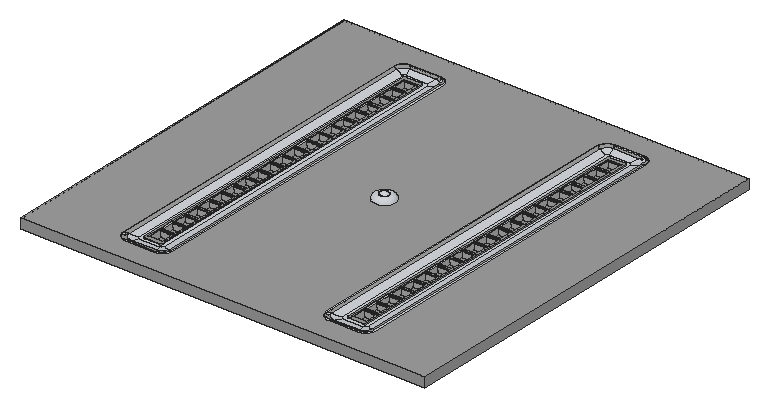
Revit family "0044011 Sylvania Lighting Fixture OptiClip 600 3000K C8 WH SSA WHITE", category Lighting Fixtures, host Face, Revit 2016
Family settings
  Host = Face
  Part Type = Normal
  Round Connector Dimension = Use Diameter
  OmniClass Number = 23.80.70.00
  OmniClass Title = Lighting
  Cut with Voids When Loaded = No
  Light Source = Yes
  Shared = No
  Room Calculation Point = No
Parameters (values of type "0044011 OPTICLIP 600 3K C8 WH SSA WHITE")
  spacer height = 5 mm
  spacer centres = 1000 mm
  height = 14.63 mm
  cut out width = 590 mm
  cut out length = 590 mm
  Width = 595 mm
  Weight = "n/a"
  Wattage Comments = ""
  Wattage = 9.2903 W
  WarrantyStartDate [instance] = "n/a"
  WarrantyGuarantorParts = "n/a"
  WarrantyDurationUnit = "n/a"
  WarrantyDurationParts = ""
  WarrantyDescription = "http://www.sylvania-lighting.com"
  built-in parameter 1150110 = 1 (stored number, unit not read)
  Voltage = 0 V
  URL = "0.95"
  TypeName = "OptiClip 600 3000K C8 WH SSA WHITE"
  Type Image = <None>
  Type Comments = "n/a"
  built-in parameter 1114217 = 1 (stored number, unit not read)
  Tilt Angle = 90.00°
  built-in parameter 1150109 = 1 (stored number, unit not read)
  built-in parameter 1150134 = 3
  built-in parameter 1150113 = 1 (stored number, unit not read)
  SerialNumber [instance] = "n/a"
  Photometric Web File = "0044011.ies"
  Material_3_FEILO = none
  PowerFactor = 0
  PowerConsumption = "Lighting"
  NominalLength = 595 mm
  NominalHeight = 0 mm
  NominalDepth = 0 mm
  Name = "OptiClip 600 3000K C8 WH SSA WHITE"
  ModelReference = Name  # "OptiClip 600 3000K C8 WH SSA WHITE"
  ModelNumber = "0044011"
  Model = Name  # "OptiClip 600 3000K C8 WH SSA WHITE"
  Material = "Feilo Sylvania"
  ManufacturerName = "114 lm/W"
  Manufacturer = ""
  LuminousEfficacy = ""
  built-in parameter 1150105 = 109.82 (stored number, unit not read)
  Lumens = 1380 lm
  LuminaireType = "0"
  built-in parameter 1150115 = 1 (stored number, unit not read)
  LightOutputRatio = "LED"
  built-in parameter 1150137 = (empty or 0)
  built-in parameter 1150139 = (empty or 0)
  Length = 595 mm
  LampsType = Lamp  # "n/a"
  LampNominalLuminous = "3000 K"
  LampMacAdamStep = "80"
  LampColourTemperature = "LED"
  LampColourRenderingIndex = "16500"
  built-in parameter 1150112 = 1 (stored number, unit not read)
  built-in parameter 1150114 = 1 (stored number, unit not read)
  Lamp = "n/a"
  Keynote = "n/a"
  InstallationDate [instance] = "n/a"
  InputVoltage = "0"
  InputNominalFrequency = "3000"
  built-in parameter 1150132 = (empty or 0)
  built-in parameter 1150102 = (empty or 0)
  built-in parameter 1150107 = 3200 (stored number, unit not read)
  built-in parameter 1150138 = (empty or 0)
  IngressProtection = "IfcLightFixtureType"
  ImpactProtectionIndex = "IfcLightFixtureType"
  built-in parameter 1150106 = 1.0982 (stored number, unit not read)
  IfcExportType = "IfcLightFixtureType"
  IfcExportAs = "Class II"
  Height = 50 mm
  ExpectedLife = 50000
  Emit from Circle Diameter = 609.6 mm
  Emit Shape Visible in Rendering = no
  ElectricShockClassification = "114"
  built-in parameter 1150104 = 13.8 (stored number, unit not read)
  DurationUnit = "hours"
  DocumentationLiterature = "http://www.sylvania-lighting.com/product/en-int/products/0044011"
  DimmingControlOptions = "n/a"
  Material_2_FEILO = none
  Dimming Lamp Color Temperature Shift = <None>
  Description = "OPTICLIP 600 3000K C8 WH SSA WHITE is a high efficacy low glare luminaire with replaceable light engines for office and education appalications. Ceiling recessed LED luminaire with white colour plastic optic, direct light distribution, luminaire dimensions: 595x595x52mm, Sylvania White body colour (RAL9016), IP20, IK07, SylSmart Connected Building capable, low LED flicker (+/-5%), Warm White (3000K) LED Colour Temperature, 3100lm luminous flux, 27W power consumption, 114lm/W system efficacy, CRI>80, SDCM 3 (3-step MacAdam ellipse) LED Colour Consistency, UGR<17, Luminance at 65° < 2000 cd/m2, lumen maintenance: L80B50 at 60000h, photobiological safety risk group 1. Electrical protection Class II. Glow wire test 850°C."
  Default Elevation = 1219.2 mm
  CreatedOn = "24/09/2020"
  CreatedBy = "@sylvania-lighting.com"
  Cost = 0
  Color Filter = 16777215
  built-in parameter 1114216 [instance] = (empty or 0)
  ClassificationValue = "EF_70_80"
  ClassificationName = "Uniclass2015"
  Material_1_FEILO = none
  BarCode [instance] = "n/a"
  built-in parameter 1114218 = 1 (stored number, unit not read)
  built-in parameter 1150133 = 10 (stored number, unit not read)
  AssetType = "Fixed"
  AssetIdentifier [instance] = "n/a"
  Assembly Code = "D5020200"
  Apparent Load = 27 VA
  Material_4_FEILO = none
Reference planes
  plane 1 "Center (Front/Back)": y = 0
  plane 2: z = 0
  plane 3 "Center (Left/Right)": x = 0
  plane 4: z = 0
  plane 5: y = 297.5
  plane 6: y = -297.5
  plane 7: x = -297.5
  plane 8: x = 297.5
  plane 9: x = -295
  plane 10: x = 295
  plane 11: y = 295
  plane 12: y = -295
  plane 13: z = -14.63
  plane 14: y = 296.5
  plane 15: x = -296.5
  plane 16: x = 296.5
  plane 17: y = -296.5
  plane 18: x = -185
  plane 19: x = -113
  plane 20: y = -246.5
  plane 21: x = -184
  plane 22: y = 262
  plane 23: x = -114
  plane 24: y = -262
  plane 25: y = 245.5
  plane 26: y = -245.345
  plane 27: x = -160
  plane 28: x = -138
  plane 29: y = 236.5
  plane 30: y = -236.345
  plane 31: y = 213.35
  plane 32: y = 212.35
  plane 33: y = 190.95
  plane 34: y = 189.95
  plane 35: y = 168.595
  plane 36: y = 167.595
  plane 37: y = 146.15
  plane 38: y = 145.15
  plane 39: y = 123.75
  plane 40: y = 122.75
  plane 41: y = 101.35
  plane 42: y = 100.35
  plane 43: y = 78.95
  plane 44: y = 77.95
  plane 45: y = 56.576
  plane 46: y = 55.576
  plane 47: y = 34.15
  plane 48: y = 33.15
  plane 49: y = 11.75
  plane 50: y = 10.75
  plane 51: y = -10.65
  plane 52: y = -11.65
  plane 53: y = -33.05
  plane 54: y = -34.05
  plane 55: y = -55.45
  plane 56: y = -56.45
  plane 57: y = -77.805
  plane 58: y = -78.805
  plane 59: y = -100.25
  plane 60: y = -101.25
  plane 61: y = -122.65
  plane 62: y = -123.65
  plane 63: y = -145.05
  plane 64: y = -146.05
  plane 65: y = -167.45
  plane 66: y = -168.416
  plane 67: y = -189.816
  plane 68: y = -190.816
  plane 69: y = -212.216
  plane 70: y = -213.216
  plane 71: y = -234.616
  plane 72: x = -159.5
  plane 73: x = -138.539
  plane 74: y = 230.05
  plane 75: y = 218.05
  plane 76: x = -143.039
  plane 77: x = -155
  plane 78: x = -162.5
  plane 79: x = -135.5
  plane 80: y = 240.5
  plane 81: y = -240.345
  plane 82: y = 238
  plane 83: z = 6
  plane 84: x = 8
  plane 85: x = 16
  plane 86: z = 8.5
  plane 87: x = 5
  plane 88: x = 13.5
  plane 89: z = -19.13
  plane 90: x = 8
  plane 91: z = -48.13
Forms (mm)
  Extrusion 1, void, detail levels medium+fine
    sketch origin (4.2, 0, 0) x (0, 1, 0) y (1, 0, 0)
      loop
        line (295, -299.2) -> (295, 290.8) -> (-295, 290.8) -> (-295, -299.2) -> (295, -299.2)
    from 0 to 10
  Extrusion 2, solid, material "Default", detail levels medium+fine
    sketch origin (4.2, 0, 0) x (1, 0, 0) y (0, 1, 0)
      loop
        line (-301.7, 297.5) -> (-301.7, -297.5) -> (293.3, -297.5) -> (293.3, 297.5) -> (-301.7, 297.5)
    from 0 to -14.63
  Extrusion 3, void, detail levels medium+fine
    sketch origin (4.2, 0, 0) x (0, 1, 0) y (1, 0, 0)
      loop
        line (296.5, -300.7) -> (296.5, 292.3) -> (-296.5, 292.3) -> (-296.5, -300.7) -> (296.5, -300.7)
    from 1.008 to 14.63
  Blend 4, solid, detail levels medium+fine
    base sketch origin (4.2, 0, 0) x (1, 0, 0) y (0, 1, 0)
      loop
        line (-189.2, 248) -> (-189.2, -248)
        arc (-189.2, -248) -> (-184.807, -258.607) -> (-174.2, -263) r 15
        line (-174.2, -263) -> (-132.2, -263)
        arc (-132.2, -263) -> (-121.593, -258.607) -> (-117.2, -248) r 15
        line (-117.2, -248) -> (-117.2, 248)
        arc (-117.2, 248) -> (-121.593, 258.607) -> (-132.2, 263) r 15
        line (-132.2, 263) -> (-174.2, 263)
        arc (-174.2, 263) -> (-184.807, 258.607) -> (-189.2, 248) r 15
    top sketch origin (4.2, 0, 0) x (1, 0, 0) y (0, 1, 0)
      loop
        line (-172.7, 242.5) -> (-172.7, -242.5)
        arc (-172.7, -242.5) -> (-171.517, -245.34) -> (-168.667, -246.5) r 4
        line (-168.667, -246.5) -> (-137.633, -246.5)
        arc (-137.633, -246.5) -> (-134.828, -245.324) -> (-133.7, -242.5) r 3.934
        line (-133.7, -242.5) -> (-133.7, 242.5)
        arc (-133.7, 242.5) -> (-134.982, 245.439) -> (-138.008, 246.5) r 4.011
        line (-138.008, 246.5) -> (-168.7, 246.5)
        arc (-168.7, 246.5) -> (-171.528, 245.328) -> (-172.7, 242.5) r 4
    from 0 to -4
  Blend 5, void
    base sketch origin (4.2, 0, 0) x (0, 1, 0) y (-1, 0, 0)
      loop
        line (248, 188.2) -> (-248, 188.2)
        arc (-248, 188.2) -> (-257.899, 184.099) -> (-262, 174.2) r 14
        line (-262, 174.2) -> (-262, 132.2)
        arc (-262, 132.2) -> (-257.899, 122.301) -> (-248, 118.2) r 14
        line (-248, 118.2) -> (248, 118.2)
        arc (248, 118.2) -> (257.899, 122.301) -> (262, 132.2) r 14
        line (262, 132.2) -> (262, 174.2)
        arc (262, 174.2) -> (257.899, 184.099) -> (248, 188.2) r 14
    top sketch origin (4.2, 0, 0) x (0, 1, 0) y (-1, 0, 0)
      loop
        line (242.5, 171.7) -> (-242.5, 171.7)
        arc (-242.5, 171.7) -> (-244.579, 170.8) -> (-245.345, 168.667) r 2.851
        line (-245.345, 168.667) -> (-245.345, 137.633)
        arc (-245.345, 137.633) -> (-244.517, 135.59) -> (-242.5, 134.7) r 2.934
        line (-242.5, 134.7) -> (242.5, 134.7)
        arc (242.5, 134.7) -> (244.733, 135.69) -> (245.5, 138.008) r 3.014
        line (245.5, 138.008) -> (245.5, 168.7)
        arc (245.5, 168.7) -> (244.621, 170.821) -> (242.5, 171.7) r 3
    from 0 to -3.5
  Extrusion 6, solid, material "Aluminum 1100-H18", detail levels medium+fine
    sketch origin (4.2, 0, 0) x (1, 0, 0) y (0, 1, 0)
      loop
        line (-164.2, 236.5) -> (-164.2, -236.345) -> (-142.2, -236.345) -> (-142.2, 236.5) -> (-164.2, 236.5)
    from -4 to -14.63
  Extrusion 7, solid, material "Aluminum 1100-H18", detail levels medium+fine
    sketch origin (4.2, 0, 0) x (1, 0, 0) y (0, 1, 0)
      loop
        line (-166.7, 238) -> (-166.7, -238.071)
        arc (-166.7, -238.071) -> (-165.953, -239.761) -> (-164.2, -240.345) r 2.284
        line (-164.2, -240.345) -> (-142.156, -240.345)
        arc (-142.156, -240.345) -> (-140.483, -239.689) -> (-139.7, -238.071) r 2.464
        line (-139.7, -238.071) -> (-139.7, 238)
        arc (-139.7, 238) -> (-140.432, 239.768) -> (-142.2, 240.5) r 2.5
        line (-142.2, 240.5) -> (-164.2, 240.5)
        arc (-164.2, 240.5) -> (-165.968, 239.768) -> (-166.7, 238) r 2.5
    from -3.5 to -2.5
  Blend 8, void
    base sketch origin (4.2, 0, 0) x (0, 1, 0) y (-1, 0, 0)
      loop
        line (234.75, 163.7) -> (213.35, 163.7) -> (213.35, 142.739) -> (234.75, 142.739) -> (234.75, 163.7)
    top sketch origin (4.2, 0, 0) x (0, 1, 0) y (-1, 0, 0)
      loop
        line (230.05, 159.2) -> (218.05, 159.2) -> (218.05, 147.239) -> (230.05, 147.239) -> (230.05, 159.2)
    from -2.5 to -11
  Blend 9, void
    base sketch origin (4.2, -22.4, 0) x (0, 1, 0) y (-1, 0, 0)
      loop
        line (234.75, 163.7) -> (213.35, 163.7) -> (213.35, 142.739) -> (234.75, 142.739) -> (234.75, 163.7)
    top sketch origin (4.2, -22.4, 0) x (0, 1, 0) y (-1, 0, 0)
      loop
        line (230.05, 159.2) -> (218.05, 159.2) -> (218.05, 147.239) -> (230.05, 147.239) -> (230.05, 159.2)
    from -2.5 to -11
  Blend 10, void
    base sketch origin (4.2, -44.8, 0) x (0, 1, 0) y (-1, 0, 0)
      loop
        line (234.75, 163.7) -> (213.35, 163.7) -> (213.35, 142.739) -> (234.75, 142.739) -> (234.75, 163.7)
    top sketch origin (4.2, -44.8, 0) x (0, 1, 0) y (-1, 0, 0)
      loop
        line (230.05, 159.2) -> (218.05, 159.2) -> (218.05, 147.239) -> (230.05, 147.239) -> (230.05, 159.2)
    from -2.5 to -11
  Blend 11, void
    base sketch origin (4.2, -67.155, 0) x (0, 1, 0) y (-1, 0, 0)
      loop
        line (234.75, 163.7) -> (213.35, 163.7) -> (213.35, 142.739) -> (234.75, 142.739) -> (234.75, 163.7)
    top sketch origin (4.2, -67.155, 0) x (0, 1, 0) y (-1, 0, 0)
      loop
        line (230.05, 159.2) -> (218.05, 159.2) -> (218.05, 147.239) -> (230.05, 147.239) -> (230.05, 159.2)
    from -2.5 to -11
  Blend 12, void
    base sketch origin (4.2, -89.6, 0) x (0, 1, 0) y (-1, 0, 0)
      loop
        line (234.75, 163.7) -> (213.35, 163.7) -> (213.35, 142.739) -> (234.75, 142.739) -> (234.75, 163.7)
    top sketch origin (4.2, -89.6, 0) x (0, 1, 0) y (-1, 0, 0)
      loop
        line (230.05, 159.2) -> (218.05, 159.2) -> (218.05, 147.239) -> (230.05, 147.239) -> (230.05, 159.2)
    from -2.5 to -11
  Blend 13, void
    base sketch origin (4.2, -112, 0) x (0, 1, 0) y (-1, 0, 0)
      loop
        line (234.75, 163.7) -> (213.35, 163.7) -> (213.35, 142.739) -> (234.75, 142.739) -> (234.75, 163.7)
    top sketch origin (4.2, -112, 0) x (0, 1, 0) y (-1, 0, 0)
      loop
        line (230.05, 159.2) -> (218.05, 159.2) -> (218.05, 147.239) -> (230.05, 147.239) -> (230.05, 159.2)
    from -2.5 to -11
  Blend 14, void
    base sketch origin (4.2, -134.4, 0) x (0, 1, 0) y (-1, 0, 0)
      loop
        line (234.75, 163.7) -> (213.35, 163.7) -> (213.35, 142.739) -> (234.75, 142.739) -> (234.75, 163.7)
    top sketch origin (4.2, -134.4, 0) x (0, 1, 0) y (-1, 0, 0)
      loop
        line (230.05, 159.2) -> (218.05, 159.2) -> (218.05, 147.239) -> (230.05, 147.239) -> (230.05, 159.2)
    from -2.5 to -11
  Blend 15, void
    base sketch origin (4.2, -156.8, 0) x (0, 1, 0) y (-1, 0, 0)
      loop
        line (234.75, 163.7) -> (213.35, 163.7) -> (213.35, 142.739) -> (234.75, 142.739) -> (234.75, 163.7)
    top sketch origin (4.2, -156.8, 0) x (0, 1, 0) y (-1, 0, 0)
      loop
        line (230.05, 159.2) -> (218.05, 159.2) -> (218.05, 147.239) -> (230.05, 147.239) -> (230.05, 159.2)
    from -2.5 to -11
  Blend 16, void
    base sketch origin (4.2, -179.174, 0) x (0, 1, 0) y (-1, 0, 0)
      loop
        line (234.75, 163.7) -> (213.35, 163.7) -> (213.35, 142.739) -> (234.75, 142.739) -> (234.75, 163.7)
    top sketch origin (4.2, -179.174, 0) x (0, 1, 0) y (-1, 0, 0)
      loop
        line (230.05, 159.2) -> (218.05, 159.2) -> (218.05, 147.239) -> (230.05, 147.239) -> (230.05, 159.2)
    from -2.5 to -11
  Blend 17, void
    base sketch origin (4.2, -201.6, 0) x (0, 1, 0) y (-1, 0, 0)
      loop
        line (234.75, 163.7) -> (213.35, 163.7) -> (213.35, 142.739) -> (234.75, 142.739) -> (234.75, 163.7)
    top sketch origin (4.2, -201.6, 0) x (0, 1, 0) y (-1, 0, 0)
      loop
        line (230.05, 159.2) -> (218.05, 159.2) -> (218.05, 147.239) -> (230.05, 147.239) -> (230.05, 159.2)
    from -2.5 to -11
  Blend 18, void
    base sketch origin (4.2, -224, 0) x (0, 1, 0) y (-1, 0, 0)
      loop
        line (234.75, 163.7) -> (213.35, 163.7) -> (213.35, 142.739) -> (234.75, 142.739) -> (234.75, 163.7)
    top sketch origin (4.2, -224, 0) x (0, 1, 0) y (-1, 0, 0)
      loop
        line (230.05, 159.2) -> (218.05, 159.2) -> (218.05, 147.239) -> (230.05, 147.239) -> (230.05, 159.2)
    from -2.5 to -11
  Blend 19, void
    base sketch origin (4.2, -246.4, 0) x (0, 1, 0) y (-1, 0, 0)
      loop
        line (234.75, 163.7) -> (213.35, 163.7) -> (213.35, 142.739) -> (234.75, 142.739) -> (234.75, 163.7)
    top sketch origin (4.2, -246.4, 0) x (0, 1, 0) y (-1, 0, 0)
      loop
        line (230.05, 159.2) -> (218.05, 159.2) -> (218.05, 147.239) -> (230.05, 147.239) -> (230.05, 159.2)
    from -2.5 to -11
  Blend 20, void
    base sketch origin (4.2, -268.8, 0) x (0, 1, 0) y (-1, 0, 0)
      loop
        line (234.75, 163.7) -> (213.35, 163.7) -> (213.35, 142.739) -> (234.75, 142.739) -> (234.75, 163.7)
    top sketch origin (4.2, -268.8, 0) x (0, 1, 0) y (-1, 0, 0)
      loop
        line (230.05, 159.2) -> (218.05, 159.2) -> (218.05, 147.239) -> (230.05, 147.239) -> (230.05, 159.2)
    from -2.5 to -11
  Blend 21, void
    base sketch origin (4.2, -291.2, 0) x (0, 1, 0) y (-1, 0, 0)
      loop
        line (234.75, 163.7) -> (213.35, 163.7) -> (213.35, 142.739) -> (234.75, 142.739) -> (234.75, 163.7)
    top sketch origin (4.2, -291.2, 0) x (0, 1, 0) y (-1, 0, 0)
      loop
        line (230.05, 159.2) -> (218.05, 159.2) -> (218.05, 147.239) -> (230.05, 147.239) -> (230.05, 159.2)
    from -2.5 to -11
  Blend 22, void
    base sketch origin (4.2, -313.555, 0) x (0, 1, 0) y (-1, 0, 0)
      loop
        line (234.75, 163.7) -> (213.35, 163.7) -> (213.35, 142.739) -> (234.75, 142.739) -> (234.75, 163.7)
    top sketch origin (4.2, -313.555, 0) x (0, 1, 0) y (-1, 0, 0)
      loop
        line (230.05, 159.2) -> (218.05, 159.2) -> (218.05, 147.239) -> (230.05, 147.239) -> (230.05, 159.2)
    from -2.5 to -11
  Blend 23, void
    base sketch origin (4.2, -336, 0) x (0, 1, 0) y (-1, 0, 0)
      loop
        line (234.75, 163.7) -> (213.35, 163.7) -> (213.35, 142.739) -> (234.75, 142.739) -> (234.75, 163.7)
    top sketch origin (4.2, -336, 0) x (0, 1, 0) y (-1, 0, 0)
      loop
        line (230.05, 159.2) -> (218.05, 159.2) -> (218.05, 147.239) -> (230.05, 147.239) -> (230.05, 159.2)
    from -2.5 to -11
  Blend 24, void
    base sketch origin (4.2, -358.4, 0) x (0, 1, 0) y (-1, 0, 0)
      loop
        line (234.75, 163.7) -> (213.35, 163.7) -> (213.35, 142.739) -> (234.75, 142.739) -> (234.75, 163.7)
    top sketch origin (4.2, -358.4, 0) x (0, 1, 0) y (-1, 0, 0)
      loop
        line (230.05, 159.2) -> (218.05, 159.2) -> (218.05, 147.239) -> (230.05, 147.239) -> (230.05, 159.2)
    from -2.5 to -11
  Blend 25, void
    base sketch origin (4.2, -380.8, 0) x (0, 1, 0) y (-1, 0, 0)
      loop
        line (234.75, 163.7) -> (213.35, 163.7) -> (213.35, 142.739) -> (234.75, 142.739) -> (234.75, 163.7)
    top sketch origin (4.2, -380.8, 0) x (0, 1, 0) y (-1, 0, 0)
      loop
        line (230.05, 159.2) -> (218.05, 159.2) -> (218.05, 147.239) -> (230.05, 147.239) -> (230.05, 159.2)
    from -2.5 to -11
  Extrusion 26, solid, material "Glass, White, High Luminance", detail levels fine
    sketch origin (4.2, 0, 0) x (1, 0, 0) y (0, 1, 0)
      loop
        line (-159.2, 230.05) -> (-159.2, 218.05) -> (-147.239, 218.05) -> (-147.239, 230.05) -> (-159.2, 230.05)
    from -11 to -10
  Extrusion 27, solid, material "Glass, White, High Luminance", detail levels fine
    sketch origin (4.2, -22.4, 0) x (1, 0, 0) y (0, 1, 0)
      loop
        line (-159.2, 230.05) -> (-159.2, 218.05) -> (-147.239, 218.05) -> (-147.239, 230.05) -> (-159.2, 230.05)
    from -11 to -10
  Extrusion 28, solid, material "Glass, White, High Luminance", detail levels fine
    sketch origin (4.2, -44.8, 0) x (1, 0, 0) y (0, 1, 0)
      loop
        line (-159.2, 230.05) -> (-159.2, 218.05) -> (-147.239, 218.05) -> (-147.239, 230.05) -> (-159.2, 230.05)
    from -11 to -10
  Extrusion 29, solid, material "Glass, White, High Luminance", detail levels fine
    sketch origin (4.2, -67.155, 0) x (1, 0, 0) y (0, 1, 0)
      loop
        line (-159.2, 230.05) -> (-159.2, 218.05) -> (-147.239, 218.05) -> (-147.239, 230.05) -> (-159.2, 230.05)
    from -11 to -10
  Extrusion 30, solid, material "Glass, White, High Luminance", detail levels fine
    sketch origin (4.2, -89.6, 0) x (1, 0, 0) y (0, 1, 0)
      loop
        line (-159.2, 230.05) -> (-159.2, 218.05) -> (-147.239, 218.05) -> (-147.239, 230.05) -> (-159.2, 230.05)
    from -11 to -10
  Extrusion 31, solid, material "Glass, White, High Luminance", detail levels fine
    sketch origin (4.2, -112, 0) x (1, 0, 0) y (0, 1, 0)
      loop
        line (-159.2, 230.05) -> (-159.2, 218.05) -> (-147.239, 218.05) -> (-147.239, 230.05) -> (-159.2, 230.05)
    from -11 to -10
  Extrusion 32, solid, material "Glass, White, High Luminance", detail levels fine
    sketch origin (4.2, -134.4, 0) x (1, 0, 0) y (0, 1, 0)
      loop
        line (-159.2, 230.05) -> (-159.2, 218.05) -> (-147.239, 218.05) -> (-147.239, 230.05) -> (-159.2, 230.05)
    from -11 to -10
  Extrusion 33, solid, material "Glass, White, High Luminance", detail levels fine
    sketch origin (4.2, -156.8, 0) x (1, 0, 0) y (0, 1, 0)
      loop
        line (-159.2, 230.05) -> (-159.2, 218.05) -> (-147.239, 218.05) -> (-147.239, 230.05) -> (-159.2, 230.05)
    from -11 to -10
  Extrusion 34, solid, material "Glass, White, High Luminance", detail levels fine
    sketch origin (4.2, -179.174, 0) x (1, 0, 0) y (0, 1, 0)
      loop
        line (-159.2, 230.05) -> (-159.2, 218.05) -> (-147.239, 218.05) -> (-147.239, 230.05) -> (-159.2, 230.05)
    from -11 to -10
  Extrusion 35, solid, material "Glass, White, High Luminance", detail levels fine
    sketch origin (4.2, -201.6, 0) x (1, 0, 0) y (0, 1, 0)
      loop
        line (-159.2, 230.05) -> (-159.2, 218.05) -> (-147.239, 218.05) -> (-147.239, 230.05) -> (-159.2, 230.05)
    from -11 to -10
  Extrusion 36, solid, material "Glass, White, High Luminance", detail levels fine
    sketch origin (4.2, -224, 0) x (1, 0, 0) y (0, 1, 0)
      loop
        line (-159.2, 230.05) -> (-159.2, 218.05) -> (-147.239, 218.05) -> (-147.239, 230.05) -> (-159.2, 230.05)
    from -11 to -10
  Extrusion 37, solid, material "Glass, White, High Luminance", detail levels fine
    sketch origin (4.2, -246.4, 0) x (1, 0, 0) y (0, 1, 0)
      loop
        line (-159.2, 230.05) -> (-159.2, 218.05) -> (-147.239, 218.05) -> (-147.239, 230.05) -> (-159.2, 230.05)
    from -11 to -10
  Extrusion 38, solid, material "Glass, White, High Luminance", detail levels fine
    sketch origin (4.2, -268.8, 0) x (1, 0, 0) y (0, 1, 0)
      loop
        line (-159.2, 230.05) -> (-159.2, 218.05) -> (-147.239, 218.05) -> (-147.239, 230.05) -> (-159.2, 230.05)
    from -11 to -10
  Extrusion 39, solid, material "Glass, White, High Luminance", detail levels fine
    sketch origin (4.2, -291.2, 0) x (1, 0, 0) y (0, 1, 0)
      loop
        line (-159.2, 230.05) -> (-159.2, 218.05) -> (-147.239, 218.05) -> (-147.239, 230.05) -> (-159.2, 230.05)
    from -11 to -10
  Extrusion 40, solid, material "Glass, White, High Luminance", detail levels fine
    sketch origin (4.2, -313.555, 0) x (1, 0, 0) y (0, 1, 0)
      loop
        line (-159.2, 230.05) -> (-159.2, 218.05) -> (-147.239, 218.05) -> (-147.239, 230.05) -> (-159.2, 230.05)
    from -11 to -10
  Extrusion 41, solid, material "Glass, White, High Luminance", detail levels fine
    sketch origin (4.2, -336, 0) x (1, 0, 0) y (0, 1, 0)
      loop
        line (-159.2, 230.05) -> (-159.2, 218.05) -> (-147.239, 218.05) -> (-147.239, 230.05) -> (-159.2, 230.05)
    from -11 to -10
  Extrusion 42, solid, material "Glass, White, High Luminance", detail levels fine
    sketch origin (4.2, -358.4, 0) x (1, 0, 0) y (0, 1, 0)
      loop
        line (-159.2, 230.05) -> (-159.2, 218.05) -> (-147.239, 218.05) -> (-147.239, 230.05) -> (-159.2, 230.05)
    from -11 to -10
  Extrusion 43, solid, material "Glass, White, High Luminance", detail levels fine
    sketch origin (4.2, -380.8, 0) x (1, 0, 0) y (0, 1, 0)
      loop
        line (-159.2, 230.05) -> (-159.2, 218.05) -> (-147.239, 218.05) -> (-147.239, 230.05) -> (-159.2, 230.05)
    from -11 to -10
  Extrusion 44, solid, material "Glass, White, High Luminance", detail levels fine
    sketch origin (3.419, -403.166, 0) x (1, 0, 0) y (0, 1, 0)
      loop
        line (-158.419, 230.05) -> (-158.419, 218.05) -> (-146.458, 218.05) -> (-146.458, 230.05) -> (-158.419, 230.05)
    from -11 to -10
  Extrusion 45, solid, material "Glass, White, High Luminance", detail levels fine
    sketch origin (3.419, -425.566, 0) x (1, 0, 0) y (0, 1, 0)
      loop
        line (-158.419, 230.05) -> (-158.419, 218.05) -> (-146.458, 218.05) -> (-146.458, 230.05) -> (-158.419, 230.05)
    from -11 to -10
  Extrusion 46, solid, material "Glass, White, High Luminance", detail levels fine
    sketch origin (3.419, -447.966, 0) x (1, 0, 0) y (0, 1, 0)
      loop
        line (-158.419, 230.05) -> (-158.419, 218.05) -> (-146.458, 218.05) -> (-146.458, 230.05) -> (-158.419, 230.05)
    from -11 to -10
  Blend 47, solid, detail levels medium+fine
    base sketch origin (303.2, 0, 0) x (1, 0, 0) y (0, 1, 0)
      loop
        line (-189.2, 248) -> (-189.2, -248)
        arc (-189.2, -248) -> (-184.807, -258.607) -> (-174.2, -263) r 15
        line (-174.2, -263) -> (-132.2, -263)
        arc (-132.2, -263) -> (-121.593, -258.607) -> (-117.2, -248) r 15
        line (-117.2, -248) -> (-117.2, 248)
        arc (-117.2, 248) -> (-121.593, 258.607) -> (-132.2, 263) r 15
        line (-132.2, 263) -> (-174.2, 263)
        arc (-174.2, 263) -> (-184.807, 258.607) -> (-189.2, 248) r 15
    top sketch origin (303.2, 0, 0) x (1, 0, 0) y (0, 1, 0)
      loop
        line (-172.7, 242.5) -> (-172.7, -242.5)
        arc (-172.7, -242.5) -> (-171.517, -245.34) -> (-168.667, -246.5) r 4
        line (-168.667, -246.5) -> (-137.633, -246.5)
        arc (-137.633, -246.5) -> (-134.828, -245.324) -> (-133.7, -242.5) r 3.934
        line (-133.7, -242.5) -> (-133.7, 242.5)
        arc (-133.7, 242.5) -> (-134.982, 245.439) -> (-138.008, 246.5) r 4.011
        line (-138.008, 246.5) -> (-168.7, 246.5)
        arc (-168.7, 246.5) -> (-171.528, 245.328) -> (-172.7, 242.5) r 4
    from 0 to -4
  Blend 48, void
    base sketch origin (303.2, 0, 0) x (0, 1, 0) y (-1, 0, 0)
      loop
        line (248, 188.2) -> (-248, 188.2)
        arc (-248, 188.2) -> (-257.899, 184.099) -> (-262, 174.2) r 14
        line (-262, 174.2) -> (-262, 132.2)
        arc (-262, 132.2) -> (-257.899, 122.301) -> (-248, 118.2) r 14
        line (-248, 118.2) -> (248, 118.2)
        arc (248, 118.2) -> (257.899, 122.301) -> (262, 132.2) r 14
        line (262, 132.2) -> (262, 174.2)
        arc (262, 174.2) -> (257.899, 184.099) -> (248, 188.2) r 14
    top sketch origin (303.2, 0, 0) x (0, 1, 0) y (-1, 0, 0)
      loop
        line (242.5, 171.7) -> (-242.5, 171.7)
        arc (-242.5, 171.7) -> (-244.579, 170.8) -> (-245.345, 168.667) r 2.851
        line (-245.345, 168.667) -> (-245.345, 137.633)
        arc (-245.345, 137.633) -> (-244.517, 135.59) -> (-242.5, 134.7) r 2.934
        line (-242.5, 134.7) -> (242.5, 134.7)
        arc (242.5, 134.7) -> (244.733, 135.69) -> (245.5, 138.008) r 3.014
        line (245.5, 138.008) -> (245.5, 168.7)
        arc (245.5, 168.7) -> (244.621, 170.821) -> (242.5, 171.7) r 3
    from 0 to -3.5
  Extrusion 49, solid, material "Aluminum 1100-H18", detail levels medium+fine
    sketch origin (304.2, 0, 0) x (1, 0, 0) y (0, 1, 0)
      loop
        line (-164.2, 236.5) -> (-164.2, -236.345) -> (-142.2, -236.345) -> (-142.2, 236.5) -> (-164.2, 236.5)
    from -4 to -14.63
  Blend 50, void
    base sketch origin (4.2, -403.166, 0) x (0, 1, 0) y (-1, 0, 0)
      loop
        line (234.75, 163.7) -> (213.35, 163.7) -> (213.35, 142.739) -> (234.75, 142.739) -> (234.75, 163.7)
    top sketch origin (4.2, -403.166, 0) x (0, 1, 0) y (-1, 0, 0)
      loop
        line (230.05, 159.2) -> (218.05, 159.2) -> (218.05, 147.239) -> (230.05, 147.239) -> (230.05, 159.2)
    from -2.5 to -11
  Blend 51, void
    base sketch origin (4.2, -425.566, 0) x (0, 1, 0) y (-1, 0, 0)
      loop
        line (234.75, 163.7) -> (213.35, 163.7) -> (213.35, 142.739) -> (234.75, 142.739) -> (234.75, 163.7)
    top sketch origin (4.2, -425.566, 0) x (0, 1, 0) y (-1, 0, 0)
      loop
        line (230.05, 159.2) -> (218.05, 159.2) -> (218.05, 147.239) -> (230.05, 147.239) -> (230.05, 159.2)
    from -2.5 to -11
  Blend 52, void
    base sketch origin (4.2, -447.966, 0) x (0, 1, 0) y (-1, 0, 0)
      loop
        line (234.75, 163.7) -> (213.35, 163.7) -> (213.35, 142.739) -> (234.75, 142.739) -> (234.75, 163.7)
    top sketch origin (4.2, -447.966, 0) x (0, 1, 0) y (-1, 0, 0)
      loop
        line (230.05, 159.2) -> (218.05, 159.2) -> (218.05, 147.239) -> (230.05, 147.239) -> (230.05, 159.2)
    from -2.5 to -11
  Extrusion 53, solid, material "Aluminum 1100-H18", detail levels medium+fine
    sketch origin (304.2, 0, 0) x (1, 0, 0) y (0, 1, 0)
      loop
        line (-166.7, 238) -> (-166.7, -238.071)
        arc (-166.7, -238.071) -> (-165.953, -239.761) -> (-164.2, -240.345) r 2.284
        line (-164.2, -240.345) -> (-142.156, -240.345)
        arc (-142.156, -240.345) -> (-140.483, -239.689) -> (-139.7, -238.071) r 2.464
        line (-139.7, -238.071) -> (-139.7, 238)
        arc (-139.7, 238) -> (-140.432, 239.768) -> (-142.2, 240.5) r 2.5
        line (-142.2, 240.5) -> (-164.2, 240.5)
        arc (-164.2, 240.5) -> (-165.968, 239.768) -> (-166.7, 238) r 2.5
    from -3.5 to -2.5
  Blend 54, void
    base sketch origin (304.2, 0, 0) x (0, 1, 0) y (-1, 0, 0)
      loop
        line (234.75, 163.7) -> (213.35, 163.7) -> (213.35, 142.739) -> (234.75, 142.739) -> (234.75, 163.7)
    top sketch origin (304.2, 0, 0) x (0, 1, 0) y (-1, 0, 0)
      loop
        line (230.05, 159.2) -> (218.05, 159.2) -> (218.05, 147.239) -> (230.05, 147.239) -> (230.05, 159.2)
    from -2.5 to -11
  Blend 55, void
    base sketch origin (304.2, -22.4, 0) x (0, 1, 0) y (-1, 0, 0)
      loop
        line (234.75, 163.7) -> (213.35, 163.7) -> (213.35, 142.739) -> (234.75, 142.739) -> (234.75, 163.7)
    top sketch origin (304.2, -22.4, 0) x (0, 1, 0) y (-1, 0, 0)
      loop
        line (230.05, 159.2) -> (218.05, 159.2) -> (218.05, 147.239) -> (230.05, 147.239) -> (230.05, 159.2)
    from -2.5 to -11
  Blend 56, void
    base sketch origin (304.2, -44.8, 0) x (0, 1, 0) y (-1, 0, 0)
      loop
        line (234.75, 163.7) -> (213.35, 163.7) -> (213.35, 142.739) -> (234.75, 142.739) -> (234.75, 163.7)
    top sketch origin (304.2, -44.8, 0) x (0, 1, 0) y (-1, 0, 0)
      loop
        line (230.05, 159.2) -> (218.05, 159.2) -> (218.05, 147.239) -> (230.05, 147.239) -> (230.05, 159.2)
    from -2.5 to -11
  Blend 57, void
    base sketch origin (304.2, -67.155, 0) x (0, 1, 0) y (-1, 0, 0)
      loop
        line (234.75, 163.7) -> (213.35, 163.7) -> (213.35, 142.739) -> (234.75, 142.739) -> (234.75, 163.7)
    top sketch origin (304.2, -67.155, 0) x (0, 1, 0) y (-1, 0, 0)
      loop
        line (230.05, 159.2) -> (218.05, 159.2) -> (218.05, 147.239) -> (230.05, 147.239) -> (230.05, 159.2)
    from -2.5 to -11
  Blend 58, void
    base sketch origin (304.2, -89.6, 0) x (0, 1, 0) y (-1, 0, 0)
      loop
        line (234.75, 163.7) -> (213.35, 163.7) -> (213.35, 142.739) -> (234.75, 142.739) -> (234.75, 163.7)
    top sketch origin (304.2, -89.6, 0) x (0, 1, 0) y (-1, 0, 0)
      loop
        line (230.05, 159.2) -> (218.05, 159.2) -> (218.05, 147.239) -> (230.05, 147.239) -> (230.05, 159.2)
    from -2.5 to -11
  Blend 59, void
    base sketch origin (304.2, -112, 0) x (0, 1, 0) y (-1, 0, 0)
      loop
        line (234.75, 163.7) -> (213.35, 163.7) -> (213.35, 142.739) -> (234.75, 142.739) -> (234.75, 163.7)
    top sketch origin (304.2, -112, 0) x (0, 1, 0) y (-1, 0, 0)
      loop
        line (230.05, 159.2) -> (218.05, 159.2) -> (218.05, 147.239) -> (230.05, 147.239) -> (230.05, 159.2)
    from -2.5 to -11
  Blend 60, void
    base sketch origin (304.2, -134.4, 0) x (0, 1, 0) y (-1, 0, 0)
      loop
        line (234.75, 163.7) -> (213.35, 163.7) -> (213.35, 142.739) -> (234.75, 142.739) -> (234.75, 163.7)
    top sketch origin (304.2, -134.4, 0) x (0, 1, 0) y (-1, 0, 0)
      loop
        line (230.05, 159.2) -> (218.05, 159.2) -> (218.05, 147.239) -> (230.05, 147.239) -> (230.05, 159.2)
    from -2.5 to -11
  Blend 61, void
    base sketch origin (304.2, -156.8, 0) x (0, 1, 0) y (-1, 0, 0)
      loop
        line (234.75, 163.7) -> (213.35, 163.7) -> (213.35, 142.739) -> (234.75, 142.739) -> (234.75, 163.7)
    top sketch origin (304.2, -156.8, 0) x (0, 1, 0) y (-1, 0, 0)
      loop
        line (230.05, 159.2) -> (218.05, 159.2) -> (218.05, 147.239) -> (230.05, 147.239) -> (230.05, 159.2)
    from -2.5 to -11
  Blend 62, void
    base sketch origin (304.2, -179.174, 0) x (0, 1, 0) y (-1, 0, 0)
      loop
        line (234.75, 163.7) -> (213.35, 163.7) -> (213.35, 142.739) -> (234.75, 142.739) -> (234.75, 163.7)
    top sketch origin (304.2, -179.174, 0) x (0, 1, 0) y (-1, 0, 0)
      loop
        line (230.05, 159.2) -> (218.05, 159.2) -> (218.05, 147.239) -> (230.05, 147.239) -> (230.05, 159.2)
    from -2.5 to -11
  Blend 63, void
    base sketch origin (304.2, -201.6, 0) x (0, 1, 0) y (-1, 0, 0)
      loop
        line (234.75, 163.7) -> (213.35, 163.7) -> (213.35, 142.739) -> (234.75, 142.739) -> (234.75, 163.7)
    top sketch origin (304.2, -201.6, 0) x (0, 1, 0) y (-1, 0, 0)
      loop
        line (230.05, 159.2) -> (218.05, 159.2) -> (218.05, 147.239) -> (230.05, 147.239) -> (230.05, 159.2)
    from -2.5 to -11
  Blend 64, void
    base sketch origin (304.2, -224, 0) x (0, 1, 0) y (-1, 0, 0)
      loop
        line (234.75, 163.7) -> (213.35, 163.7) -> (213.35, 142.739) -> (234.75, 142.739) -> (234.75, 163.7)
    top sketch origin (304.2, -224, 0) x (0, 1, 0) y (-1, 0, 0)
      loop
        line (230.05, 159.2) -> (218.05, 159.2) -> (218.05, 147.239) -> (230.05, 147.239) -> (230.05, 159.2)
    from -2.5 to -11
  Blend 65, void
    base sketch origin (304.2, -246.4, 0) x (0, 1, 0) y (-1, 0, 0)
      loop
        line (234.75, 163.7) -> (213.35, 163.7) -> (213.35, 142.739) -> (234.75, 142.739) -> (234.75, 163.7)
    top sketch origin (304.2, -246.4, 0) x (0, 1, 0) y (-1, 0, 0)
      loop
        line (230.05, 159.2) -> (218.05, 159.2) -> (218.05, 147.239) -> (230.05, 147.239) -> (230.05, 159.2)
    from -2.5 to -11
  Blend 66, void
    base sketch origin (304.2, -268.8, 0) x (0, 1, 0) y (-1, 0, 0)
      loop
        line (234.75, 163.7) -> (213.35, 163.7) -> (213.35, 142.739) -> (234.75, 142.739) -> (234.75, 163.7)
    top sketch origin (304.2, -268.8, 0) x (0, 1, 0) y (-1, 0, 0)
      loop
        line (230.05, 159.2) -> (218.05, 159.2) -> (218.05, 147.239) -> (230.05, 147.239) -> (230.05, 159.2)
    from -2.5 to -11
  Blend 67, void
    base sketch origin (304.2, -291.2, 0) x (0, 1, 0) y (-1, 0, 0)
      loop
        line (234.75, 163.7) -> (213.35, 163.7) -> (213.35, 142.739) -> (234.75, 142.739) -> (234.75, 163.7)
    top sketch origin (304.2, -291.2, 0) x (0, 1, 0) y (-1, 0, 0)
      loop
        line (230.05, 159.2) -> (218.05, 159.2) -> (218.05, 147.239) -> (230.05, 147.239) -> (230.05, 159.2)
    from -2.5 to -11
  Blend 68, void
    base sketch origin (304.2, -313.555, 0) x (0, 1, 0) y (-1, 0, 0)
      loop
        line (234.75, 163.7) -> (213.35, 163.7) -> (213.35, 142.739) -> (234.75, 142.739) -> (234.75, 163.7)
    top sketch origin (304.2, -313.555, 0) x (0, 1, 0) y (-1, 0, 0)
      loop
        line (230.05, 159.2) -> (218.05, 159.2) -> (218.05, 147.239) -> (230.05, 147.239) -> (230.05, 159.2)
    from -2.5 to -11
  Blend 69, void
    base sketch origin (304.2, -336, 0) x (0, 1, 0) y (-1, 0, 0)
      loop
        line (234.75, 163.7) -> (213.35, 163.7) -> (213.35, 142.739) -> (234.75, 142.739) -> (234.75, 163.7)
    top sketch origin (304.2, -336, 0) x (0, 1, 0) y (-1, 0, 0)
      loop
        line (230.05, 159.2) -> (218.05, 159.2) -> (218.05, 147.239) -> (230.05, 147.239) -> (230.05, 159.2)
    from -2.5 to -11
  Blend 70, void
    base sketch origin (304.2, -358.4, 0) x (0, 1, 0) y (-1, 0, 0)
      loop
        line (234.75, 163.7) -> (213.35, 163.7) -> (213.35, 142.739) -> (234.75, 142.739) -> (234.75, 163.7)
    top sketch origin (304.2, -358.4, 0) x (0, 1, 0) y (-1, 0, 0)
      loop
        line (230.05, 159.2) -> (218.05, 159.2) -> (218.05, 147.239) -> (230.05, 147.239) -> (230.05, 159.2)
    from -2.5 to -11
  Blend 71, void
    base sketch origin (304.2, -380.8, 0) x (0, 1, 0) y (-1, 0, 0)
      loop
        line (234.75, 163.7) -> (213.35, 163.7) -> (213.35, 142.739) -> (234.75, 142.739) -> (234.75, 163.7)
    top sketch origin (304.2, -380.8, 0) x (0, 1, 0) y (-1, 0, 0)
      loop
        line (230.05, 159.2) -> (218.05, 159.2) -> (218.05, 147.239) -> (230.05, 147.239) -> (230.05, 159.2)
    from -2.5 to -11
  Blend 72, void
    base sketch origin (304.2, -403.166, 0) x (0, 1, 0) y (-1, 0, 0)
      loop
        line (234.75, 163.7) -> (213.35, 163.7) -> (213.35, 142.739) -> (234.75, 142.739) -> (234.75, 163.7)
    top sketch origin (304.2, -403.166, 0) x (0, 1, 0) y (-1, 0, 0)
      loop
        line (230.05, 159.2) -> (218.05, 159.2) -> (218.05, 147.239) -> (230.05, 147.239) -> (230.05, 159.2)
    from -2.5 to -11
  Blend 73, void
    base sketch origin (304.2, -425.566, 0) x (0, 1, 0) y (-1, 0, 0)
      loop
        line (234.75, 163.7) -> (213.35, 163.7) -> (213.35, 142.739) -> (234.75, 142.739) -> (234.75, 163.7)
    top sketch origin (304.2, -425.566, 0) x (0, 1, 0) y (-1, 0, 0)
      loop
        line (230.05, 159.2) -> (218.05, 159.2) -> (218.05, 147.239) -> (230.05, 147.239) -> (230.05, 159.2)
    from -2.5 to -11
  Blend 74, void
    base sketch origin (304.2, -447.966, 0) x (0, 1, 0) y (-1, 0, 0)
      loop
        line (234.75, 163.7) -> (213.35, 163.7) -> (213.35, 142.739) -> (234.75, 142.739) -> (234.75, 163.7)
    top sketch origin (304.2, -447.966, 0) x (0, 1, 0) y (-1, 0, 0)
      loop
        line (230.05, 159.2) -> (218.05, 159.2) -> (218.05, 147.239) -> (230.05, 147.239) -> (230.05, 159.2)
    from -2.5 to -11
  Extrusion 75, solid, material "Glass, White, High Luminance", detail levels fine
    sketch origin (304.2, 0, 0) x (1, 0, 0) y (0, 1, 0)
      loop
        line (-159.2, 230.05) -> (-159.2, 218.05) -> (-147.239, 218.05) -> (-147.239, 230.05) -> (-159.2, 230.05)
    from -11 to -10
  Extrusion 76, solid, material "Glass, White, High Luminance", detail levels fine
    sketch origin (304.2, -22.4, 0) x (1, 0, 0) y (0, 1, 0)
      loop
        line (-159.2, 230.05) -> (-159.2, 218.05) -> (-147.239, 218.05) -> (-147.239, 230.05) -> (-159.2, 230.05)
    from -11 to -10
  Extrusion 77, solid, material "Glass, White, High Luminance", detail levels fine
    sketch origin (304.2, -44.8, 0) x (1, 0, 0) y (0, 1, 0)
      loop
        line (-159.2, 230.05) -> (-159.2, 218.05) -> (-147.239, 218.05) -> (-147.239, 230.05) -> (-159.2, 230.05)
    from -11 to -10
  Extrusion 78, solid, material "Glass, White, High Luminance", detail levels fine
    sketch origin (304.2, -67.155, 0) x (1, 0, 0) y (0, 1, 0)
      loop
        line (-159.2, 230.05) -> (-159.2, 218.05) -> (-147.239, 218.05) -> (-147.239, 230.05) -> (-159.2, 230.05)
    from -11 to -10
  Extrusion 79, solid, material "Glass, White, High Luminance", detail levels fine
    sketch origin (304.2, -89.6, 0) x (1, 0, 0) y (0, 1, 0)
      loop
        line (-159.2, 230.05) -> (-159.2, 218.05) -> (-147.239, 218.05) -> (-147.239, 230.05) -> (-159.2, 230.05)
    from -11 to -10
  Extrusion 80, solid, material "Glass, White, High Luminance", detail levels fine
    sketch origin (304.2, -112, 0) x (1, 0, 0) y (0, 1, 0)
      loop
        line (-159.2, 230.05) -> (-159.2, 218.05) -> (-147.239, 218.05) -> (-147.239, 230.05) -> (-159.2, 230.05)
    from -11 to -10
  Extrusion 81, solid, material "Glass, White, High Luminance", detail levels fine
    sketch origin (304.2, -134.4, 0) x (1, 0, 0) y (0, 1, 0)
      loop
        line (-159.2, 230.05) -> (-159.2, 218.05) -> (-147.239, 218.05) -> (-147.239, 230.05) -> (-159.2, 230.05)
    from -11 to -10
  Extrusion 82, solid, material "Glass, White, High Luminance", detail levels fine
    sketch origin (304.2, -156.8, 0) x (1, 0, 0) y (0, 1, 0)
      loop
        line (-159.2, 230.05) -> (-159.2, 218.05) -> (-147.239, 218.05) -> (-147.239, 230.05) -> (-159.2, 230.05)
    from -11 to -10
  Extrusion 83, solid, material "Glass, White, High Luminance", detail levels fine
    sketch origin (304.2, -179.174, 0) x (1, 0, 0) y (0, 1, 0)
      loop
        line (-159.2, 230.05) -> (-159.2, 218.05) -> (-147.239, 218.05) -> (-147.239, 230.05) -> (-159.2, 230.05)
    from -11 to -10
  Extrusion 84, solid, material "Glass, White, High Luminance", detail levels fine
    sketch origin (304.2, -201.6, 0) x (1, 0, 0) y (0, 1, 0)
      loop
        line (-159.2, 230.05) -> (-159.2, 218.05) -> (-147.239, 218.05) -> (-147.239, 230.05) -> (-159.2, 230.05)
    from -11 to -10
  Extrusion 85, solid, material "Glass, White, High Luminance", detail levels fine
    sketch origin (304.2, -224, 0) x (1, 0, 0) y (0, 1, 0)
      loop
        line (-159.2, 230.05) -> (-159.2, 218.05) -> (-147.239, 218.05) -> (-147.239, 230.05) -> (-159.2, 230.05)
    from -11 to -10
  Extrusion 86, solid, material "Glass, White, High Luminance", detail levels fine
    sketch origin (304.2, -246.4, 0) x (1, 0, 0) y (0, 1, 0)
      loop
        line (-159.2, 230.05) -> (-159.2, 218.05) -> (-147.239, 218.05) -> (-147.239, 230.05) -> (-159.2, 230.05)
    from -11 to -10
  Extrusion 87, solid, material "Glass, White, High Luminance", detail levels fine
    sketch origin (304.2, -268.8, 0) x (1, 0, 0) y (0, 1, 0)
      loop
        line (-159.2, 230.05) -> (-159.2, 218.05) -> (-147.239, 218.05) -> (-147.239, 230.05) -> (-159.2, 230.05)
    from -11 to -10
  Extrusion 88, solid, material "Glass, White, High Luminance", detail levels fine
    sketch origin (304.2, -291.2, 0) x (1, 0, 0) y (0, 1, 0)
      loop
        line (-159.2, 230.05) -> (-159.2, 218.05) -> (-147.239, 218.05) -> (-147.239, 230.05) -> (-159.2, 230.05)
    from -11 to -10
  Extrusion 89, solid, material "Glass, White, High Luminance", detail levels fine
    sketch origin (304.2, -313.555, 0) x (1, 0, 0) y (0, 1, 0)
      loop
        line (-159.2, 230.05) -> (-159.2, 218.05) -> (-147.239, 218.05) -> (-147.239, 230.05) -> (-159.2, 230.05)
    from -11 to -10
  Extrusion 90, solid, material "Glass, White, High Luminance", detail levels fine
    sketch origin (304.2, -336, 0) x (1, 0, 0) y (0, 1, 0)
      loop
        line (-159.2, 230.05) -> (-159.2, 218.05) -> (-147.239, 218.05) -> (-147.239, 230.05) -> (-159.2, 230.05)
    from -11 to -10
  Extrusion 91, solid, material "Glass, White, High Luminance", detail levels fine
    sketch origin (304.2, -358.4, 0) x (1, 0, 0) y (0, 1, 0)
      loop
        line (-159.2, 230.05) -> (-159.2, 218.05) -> (-147.239, 218.05) -> (-147.239, 230.05) -> (-159.2, 230.05)
    from -11 to -10
  Extrusion 92, solid, material "Glass, White, High Luminance", detail levels fine
    sketch origin (304.2, -380.8, 0) x (1, 0, 0) y (0, 1, 0)
      loop
        line (-159.2, 230.05) -> (-159.2, 218.05) -> (-147.239, 218.05) -> (-147.239, 230.05) -> (-159.2, 230.05)
    from -11 to -10
  Extrusion 93, solid, material "Glass, White, High Luminance", detail levels fine
    sketch origin (303.419, -403.166, 0) x (1, 0, 0) y (0, 1, 0)
      loop
        line (-158.419, 230.05) -> (-158.419, 218.05) -> (-146.458, 218.05) -> (-146.458, 230.05) -> (-158.419, 230.05)
    from -11 to -10
  Extrusion 94, solid, material "Glass, White, High Luminance", detail levels fine
    sketch origin (303.419, -425.566, 0) x (1, 0, 0) y (0, 1, 0)
      loop
        line (-158.419, 230.05) -> (-158.419, 218.05) -> (-146.458, 218.05) -> (-146.458, 230.05) -> (-158.419, 230.05)
    from -11 to -10
  Extrusion 95, solid, material "Glass, White, High Luminance", detail levels fine
    sketch origin (303.419, -447.966, 0) x (1, 0, 0) y (0, 1, 0)
      loop
        line (-158.419, 230.05) -> (-158.419, 218.05) -> (-146.458, 218.05) -> (-146.458, 230.05) -> (-158.419, 230.05)
    from -11 to -10
  Extrusion 96, solid, detail levels coarse
    sketch origin (4.2, 0, 0) x (1, 0, 0) y (0, 1, 0)
      loop
        line (-301.7, 297.5) -> (-301.7, -297.5) -> (293.3, -297.5) -> (293.3, 297.5) -> (-301.7, 297.5)
    from -48.13 to 8.504
  Revolve 97, solid
    sketch origin (0, 0, 0) x (1, 0, 0) y (0, 0, 1)
      loop
        line (0, 0) -> (16, 0)
        arc (16, 0) -> (13.015, 4.353) -> (8, 6) r 8.235
        line (8, 6) -> (0, 6) -> (0, 0)
      axis (0, 6) -> (0, 0)
    angle from 179.245 to 539.217
  Revolve 98, solid
    sketch origin (0, 0, 0) x (1, 0, 0) y (0, 0, 1)
      loop
        line (0, 8.5) -> (0, 6) -> (5, 6)
        arc (5, 6) -> (2.777, 7.803) -> (0, 8.5) r 6.622
      axis (0, 8.5) -> (0, 6)
    angle from 173.991 to 533.823
  Revolve 99, solid
    sketch origin (0, 0, 0) x (1, 0, 0) y (0, 0, 1)
      loop
        line (0, -14.63) -> (0, -19.13) -> (13.5, -19.13) -> (13.5, -14.63) -> (0, -14.63)
      axis (0, -14.63) -> (0, -19.13)
    angle from 1.606 to 361.512
  Revolve 100, solid
    sketch origin (0, 0, 0) x (1, 0, 0) y (0, 0, 1)
      loop
        line (0, -19.13) -> (0, -48.13) -> (8, -48.13) -> (8, -19.13) -> (0, -19.13)
      axis (0, -19.13) -> (0, -48.13)
    angle from 0.808 to 360.156
Cuts and joins
  Extrusion 3, Blend 5, Blend 48 cuts Extrusion 2
  Blend 5, Blend 8, Blend 9, Blend 10, Blend 11, Blend 12, Blend 13, Blend 14, Blend 15, Blend 16, Blend 17, Blend 18, Blend 19, Blend 20, Blend 21, Blend 22, Blend 23, Blend 24, Blend 25, Blend 50, Blend 51, Blend 52, Blend 54, Blend 55, Blend 56, Blend 57, Blend 58, Blend 59, Blend 60, Blend 61, Blend 62, Blend 63, Blend 64, Blend 65, Blend 66, Blend 67, Blend 68, Blend 69, Blend 70, Blend 71, Blend 72, Blend 73, Blend 74 cuts Blend 4
  Blend 8, Blend 9, Blend 10, Blend 11, Blend 12, Blend 13, Blend 14, Blend 15, Blend 16, Blend 17, Blend 18, Blend 19, Blend 20, Blend 21, Blend 22, Blend 23, Blend 24, Blend 25, Blend 48, Blend 50, Blend 51, Blend 52, Blend 54, Blend 55, Blend 56, Blend 57, Blend 58, Blend 59, Blend 60, Blend 61, Blend 62, Blend 63, Blend 64, Blend 65, Blend 66, Blend 67, Blend 68, Blend 69, Blend 70, Blend 71, Blend 72, Blend 73, Blend 74 cuts Extrusion 6
  Blend 8, Blend 9, Blend 10, Blend 11, Blend 12, Blend 13, Blend 14, Blend 15, Blend 16, Blend 17, Blend 18, Blend 19, Blend 20, Blend 21, Blend 22, Blend 23, Blend 24, Blend 25, Blend 48, Blend 50, Blend 51, Blend 52, Blend 54, Blend 55, Blend 56, Blend 57, Blend 58, Blend 59, Blend 60, Blend 61, Blend 62, Blend 63, Blend 64, Blend 65, Blend 66, Blend 67, Blend 68, Blend 69, Blend 70, Blend 71, Blend 72, Blend 73, Blend 74 cuts Extrusion 7
  joined: Extrusion 6, Extrusion 7
  Blend 48, Blend 54, Blend 55, Blend 56, Blend 57, Blend 58, Blend 59, Blend 60, Blend 61, Blend 62, Blend 63, Blend 64, Blend 65, Blend 66, Blend 67, Blend 68, Blend 69, Blend 70, Blend 71, Blend 72, Blend 73, Blend 74 cuts Blend 47
  Blend 50, Blend 71 cuts Extrusion 43
  Blend 51, Blend 72 cuts Extrusion 44
  Blend 52, Blend 73 cuts Extrusion 45
  Blend 54 cuts Extrusion 26
  Blend 55 cuts Extrusion 27
  Blend 56 cuts Extrusion 28
  Blend 57 cuts Extrusion 29
  Blend 58 cuts Extrusion 30
  Blend 59 cuts Extrusion 31
  Blend 60 cuts Extrusion 32
  Blend 61 cuts Extrusion 33
  Blend 62 cuts Extrusion 34
  Blend 63 cuts Extrusion 35
  Blend 64 cuts Extrusion 36
  Blend 65 cuts Extrusion 37
  Blend 66 cuts Extrusion 38
  Blend 67 cuts Extrusion 39
  Blend 68 cuts Extrusion 40
  Blend 69 cuts Extrusion 41
  Blend 70 cuts Extrusion 42
  Blend 74 cuts Extrusion 46
  Blend 48, Blend 54, Blend 55, Blend 56, Blend 57, Blend 58, Blend 59, Blend 60, Blend 61, Blend 62, Blend 63, Blend 64, Blend 65, Blend 66, Blend 67, Blend 68, Blend 69, Blend 70, Blend 71, Blend 72, Blend 73, Blend 74 cuts Extrusion 49
  Blend 54, Blend 55, Blend 56, Blend 57, Blend 58, Blend 59, Blend 60, Blend 61, Blend 62, Blend 63, Blend 64, Blend 65, Blend 66, Blend 67, Blend 68, Blend 69, Blend 70, Blend 71, Blend 72, Blend 73, Blend 74 cuts Extrusion 53
Dimensions and locks
  "Width": plane 5 to plane 6
  equal spacing: plane 5, plane 1 "Center (Front/Back)", plane 6
  "Length": plane 7 to plane 8
  equal spacing: plane 7, plane 3 "Center (Left/Right)", plane 8
  "cut out length": plane 9 to plane 10
  equal spacing: plane 9, plane 3 "Center (Left/Right)", plane 10
  "cut out width": plane 11 to plane 12
  equal spacing: plane 11, plane 1 "Center (Front/Back)", plane 12
  "height": plane 13 to level
  aligned and locked: plane 2 to host face
  aligned and locked: level to host face
  aligned and locked: Extrusion 2 to plane 13
Automatic sketch dimensions
  host sketch curve to host sketch curve = 2438.4 mm  (x2)
  Extrusion 1 sketch curve to plane 9 = 0 mm
  Extrusion 1 sketch curve to plane 12 = 0 mm
  Extrusion 1 sketch curve to plane 10 = 0 mm
  Extrusion 1 sketch curve to plane 11 = 0 mm
  Extrusion 2 sketch curve to plane 6 = 0 mm
  Extrusion 2 sketch curve to plane 7 = 0 mm
  Extrusion 2 sketch curve to plane 8 = 0 mm
  Extrusion 2 sketch curve to plane 5 = 0 mm
  Extrusion 3 sketch curve to plane 15 = 0 mm
  Extrusion 3 sketch curve to plane 17 = 0 mm
  Extrusion 3 sketch curve to plane 14 = 0 mm
  Extrusion 3 sketch curve to plane 16 = 0 mm
  Blend 4 sketch curve to plane 18 = 0 mm
  Blend 4 sketch curve to plane 19 = 0 mm
  Blend 4 sketch curve to plane 24 = 1 mm
  Blend 4 sketch curve to plane 78 = 7.5 mm  (x2)
  plane 25 to Blend 4 sketch curve = 2.5 mm  (x2)
  plane 79 to Blend 4 sketch curve = 7.5 mm
  Blend 4 sketch curve to plane 20 = 0 mm
  Blend 4 sketch curve to plane 78 = 6 mm
  plane 25 to Blend 4 sketch curve = 1 mm
  Blend 4 sketch curve to plane 78 = 2 mm  (x2)
  Blend 4 sketch curve to plane 78 = 1.967 mm
  plane 79 to Blend 4 sketch curve = 1.692 mm
  plane 79 to Blend 4 sketch curve = 1.989 mm
  plane 79 to Blend 4 sketch curve = 2.067 mm
  plane 80 to Blend 4 sketch curve = 2 mm
  Blend 4 sketch curve to Blend 4 sketch curve = 3.934 mm
  Blend 5 sketch curve to plane 24 = 0 mm
  Blend 5 sketch curve to plane 23 = 0 mm
  Blend 5 sketch curve to plane 21 = 0 mm
  Blend 5 sketch curve to plane 22 = 0 mm
  Blend 5 sketch curve to plane 20 = 1.5 mm  (x2)
  plane 25 to Blend 5 sketch curve = 2.5 mm  (x2)
  Blend 5 sketch curve to plane 26 = 0 mm
  Blend 5 sketch curve to plane 25 = 0 mm
  Blend 5 sketch curve to plane 81 = 2.155 mm  (x2)
  Blend 5 sketch curve to plane 81 = 2.066 mm
  plane 80 to Blend 5 sketch curve = 2 mm  (x2)
  plane 79 to Blend 5 sketch curve = 5 mm
  Blend 5 sketch curve to Blend 5 sketch curve = 3.014 mm
  Blend 5 sketch curve to plane 78 = 1.967 mm
  Blend 5 sketch curve to plane 78 = 2 mm
  Extrusion 6 sketch curve to plane 27 = 0 mm
  Extrusion 6 sketch curve to plane 28 = 0 mm
  Extrusion 6 sketch curve to plane 30 = 0 mm
  Extrusion 6 sketch curve to plane 29 = 0 mm
  Extrusion 7 sketch curve to plane 78 = 0 mm
  Extrusion 7 sketch curve to plane 27 = 0 mm  (x2)
  Extrusion 7 sketch curve to plane 28 = 0 mm
  Extrusion 7 sketch curve to plane 81 = 0 mm
  Extrusion 7 sketch curve to plane 79 = 0 mm
  Extrusion 7 sketch curve to plane 82 = 0 mm
  Extrusion 7 sketch curve to plane 27 = 0.216 mm
  plane 28 to Extrusion 7 sketch curve = 0.044 mm
  Extrusion 7 sketch curve to plane 30 = 1.726 mm
  Blend 8 sketch curve to plane 31 = 0 mm
  Blend 8 sketch curve to plane 72 = 0 mm
  Blend 8 sketch curve to plane 73 = 0 mm
  Blend 8 sketch curve to plane 29 = 1.75 mm
  Blend 8 sketch curve to plane 75 = 0 mm
  Blend 8 sketch curve to plane 74 = 0 mm
  Blend 8 sketch curve to plane 76 = 0 mm
  Blend 8 sketch curve to plane 77 = 0 mm
  Blend 9 sketch curve to plane 33 = 0 mm
  Blend 9 sketch curve to plane 32 = 0 mm
  Blend 9 sketch curve to plane 73 = 0 mm
  Blend 9 sketch curve to plane 72 = 0 mm
  Blend 9 sketch curve to plane 77 = 0 mm
  Blend 9 sketch curve to plane 76 = 0 mm
  plane 33 to Blend 9 sketch curve = 4.7 mm
  Blend 9 sketch curve to plane 32 = 4.7 mm
  Blend 10 sketch curve to plane 72 = 0 mm
  Blend 10 sketch curve to plane 73 = 0 mm
  Blend 10 sketch curve to plane 34 = 0 mm
  Blend 10 sketch curve to plane 35 = 0.045 mm
  Blend 10 sketch curve to plane 77 = 0 mm
  Blend 10 sketch curve to plane 76 = 0 mm
  plane 35 to Blend 10 sketch curve = 4.655 mm
  Blend 10 sketch curve to plane 34 = 4.7 mm
  Blend 11 sketch curve to plane 72 = 0 mm
  Blend 11 sketch curve to plane 73 = 0 mm
  Blend 11 sketch curve to plane 36 = 0 mm
  plane 37 to Blend 11 sketch curve = 0.045 mm
  Blend 11 sketch curve to plane 77 = 0 mm
  Blend 11 sketch curve to plane 76 = 0 mm
  plane 37 to Blend 11 sketch curve = 4.745 mm
  Blend 11 sketch curve to plane 36 = 4.7 mm
  Blend 12 sketch curve to plane 39 = 0 mm
  Blend 12 sketch curve to plane 38 = 0 mm
  Blend 12 sketch curve to plane 73 = 0 mm
  Blend 12 sketch curve to plane 72 = 0 mm
  Blend 12 sketch curve to plane 77 = 0 mm
  Blend 12 sketch curve to plane 76 = 0 mm
  plane 39 to Blend 12 sketch curve = 4.7 mm
  Blend 12 sketch curve to plane 38 = 4.7 mm
  Blend 13 sketch curve to plane 41 = 0 mm
  Blend 13 sketch curve to plane 40 = 0 mm
  Blend 13 sketch curve to plane 73 = 0 mm
  Blend 13 sketch curve to plane 72 = 0 mm
  Blend 13 sketch curve to plane 77 = 0 mm
  Blend 13 sketch curve to plane 76 = 0 mm
  plane 41 to Blend 13 sketch curve = 4.7 mm
  Blend 13 sketch curve to plane 40 = 4.7 mm
  Blend 14 sketch curve to plane 43 = 0 mm
  Blend 14 sketch curve to plane 42 = 0 mm
  Blend 14 sketch curve to plane 73 = 0 mm
  Blend 14 sketch curve to plane 72 = 0 mm
  Blend 14 sketch curve to plane 77 = 0 mm
  Blend 14 sketch curve to plane 76 = 0 mm
  plane 43 to Blend 14 sketch curve = 4.7 mm
  Blend 14 sketch curve to plane 42 = 4.7 mm
  Blend 15 sketch curve to plane 72 = 0 mm
  Blend 15 sketch curve to plane 73 = 0 mm
  Blend 15 sketch curve to plane 44 = 0 mm
  Blend 15 sketch curve to plane 45 = 0.026 mm
  Blend 15 sketch curve to plane 77 = 0 mm
  Blend 15 sketch curve to plane 76 = 0 mm
  plane 45 to Blend 15 sketch curve = 4.674 mm
  Blend 15 sketch curve to plane 44 = 4.7 mm
  Blend 16 sketch curve to plane 72 = 0 mm
  Blend 16 sketch curve to plane 73 = 0 mm
  Blend 16 sketch curve to plane 46 = 0 mm
  plane 47 to Blend 16 sketch curve = 0.026 mm
  Blend 16 sketch curve to plane 77 = 0 mm
  Blend 16 sketch curve to plane 76 = 0 mm
  plane 47 to Blend 16 sketch curve = 4.726 mm
  Blend 16 sketch curve to plane 46 = 4.7 mm
  Blend 17 sketch curve to plane 49 = 0 mm
  Blend 17 sketch curve to plane 48 = 0 mm
  Blend 17 sketch curve to plane 73 = 0 mm
  Blend 17 sketch curve to plane 72 = 0 mm
  Blend 17 sketch curve to plane 77 = 0 mm
  Blend 17 sketch curve to plane 76 = 0 mm
  plane 49 to Blend 17 sketch curve = 4.7 mm
  Blend 17 sketch curve to plane 48 = 4.7 mm
  Blend 18 sketch curve to plane 51 = 0 mm
  Blend 18 sketch curve to plane 50 = 0 mm
  Blend 18 sketch curve to plane 73 = 0 mm
  Blend 18 sketch curve to plane 72 = 0 mm
  Blend 18 sketch curve to plane 77 = 0 mm
  Blend 18 sketch curve to plane 76 = 0 mm
  plane 51 to Blend 18 sketch curve = 4.7 mm
  Blend 18 sketch curve to plane 50 = 4.7 mm
  Blend 19 sketch curve to plane 53 = 0 mm
  Blend 19 sketch curve to plane 52 = 0 mm
  Blend 19 sketch curve to plane 73 = 0 mm
  Blend 19 sketch curve to plane 72 = 0 mm
  Blend 19 sketch curve to plane 77 = 0 mm
  Blend 19 sketch curve to plane 76 = 0 mm
  plane 53 to Blend 19 sketch curve = 4.7 mm
  Blend 19 sketch curve to plane 52 = 4.7 mm
